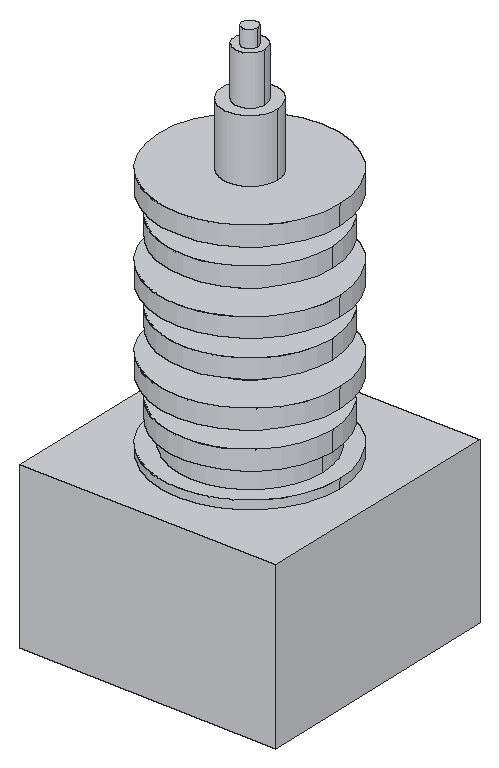
Revit family "GIS_VoltageTransformer", category Equipamento elétrico, Revit 2027
Family settings
  Configuração do painel = Duas colunas, circuitos transversais
  Cota do conector redondo = Utilizar diâmetro
  Tipo de parte = Painel de controle
  Com base no plano de trabalho = Não
  Sempre na vertical = Sim
  Corte com vazios quando carregada = Não
  Manter orientação da anotação = Não
  Compartilhado = Não
  Ponto de cálculo do ambiente = Não
Parameters (values of type "GIS_VT_145KV_STUDY")
  Default Elevation = 0 mm
  built-in parameter 1140142 [instance] = (empty or 0)
  built-in parameter 1140140 [instance] = 1 (stored number, unit not read)
  BIM_TensaoSecundaria_kV = 0
  BIM_TensaoNominal_kV = 138
  BIM_TensaoClasse_kV = 145
  BIM_TensaoClasseSecundaria_kV = 0
  BIM_Sistema_Elemento [instance] = ""
  BIM_ReferenciaCatalogo = "Portfolio estimate; ratio/class pending utility data"
  BIM_Profundidade = 700 mm
  BIM_Potencia_MVA = 0
  BIM_Localizacao [instance] = ""
  BIM_Largura = 700 mm
  BIM_Impedancia_pu = 0
  BIM_FonteGeometria = "Portfolio estimate; ratio/class pending utility data"
  BIM_Fabricante = "NAO SELECIONADO"
  BIM_EstadoGeometria = "ESTIMATED"
  BIM_EstadoEspecificacao = "PREMISSA / NAO SELECIONADO"
  BIM_DescricaoEstudo = "Transformador de potencial GIS; relacao, classe e carga nao selecionadas."
  BIM_CorrenteReferenciaSecundaria_A = 0
  BIM_CorrenteNominal_A = 0
  BIM_Bay [instance] = ""
  BIM_AlturaCorpoPrincipal = 450 mm
  BIM_Altura = 1500 mm
  built-in parameter 1155100 [instance] = (empty or 0)
Reference planes
  plane 1 "Centro (Frente/Trás)": y = 0
  plane 2: z = 0
  plane 3 "Centro (Esquerda/Direita)": x = 0
  plane 4 "BIM Left": x = -350
  plane 5 "BIM Right": x = 350
  plane 6 "BIM Front": y = -350
  plane 7 "BIM Back": y = 350
Forms (mm)
  Extrusion 1, solid
    sketch origin (0, 0, 0) x (1, 0, 0) y (0, 1, 0)
      loop
        line (-350, -350) -> (350, -350) -> (350, 350) -> (-350, 350) -> (-350, -350)
    from 0 to 450 <- "BIM_AlturaCorpoPrincipal"
  Extrusion 2, solid
    sketch origin (0, 0, 150) x (1, 0, 0) y (0, 1, 0)
      loop
        line (-231, -231) -> (231, -231) -> (231, 231) -> (-231, 231) -> (-231, -231)
    from 0 to 180
  Extrusion 3, solid
    sketch origin (0, 0, 285) x (1, 0, 0) y (0, 1, 0)
      loop
        circle (0, 0) r 199.5
    from 0 to 240
  Extrusion 4, solid
    sketch origin (0, 0, 420) x (1, 0, 0) y (0, 1, 0)
      loop
        circle (0, 0) r 247.8
    from 0 to 52.5
  Extrusion 5, solid
    sketch origin (0, 0, 532.5) x (1, 0, 0) y (0, 1, 0)
      loop
        circle (0, 0) r 226.8
    from 0 to 52.5
  Extrusion 6, solid
    sketch origin (0, 0, 645) x (1, 0, 0) y (0, 1, 0)
      loop
        circle (0, 0) r 247.8
    from 0 to 52.5
  Extrusion 7, solid
    sketch origin (0, 0, 757.5) x (1, 0, 0) y (0, 1, 0)
      loop
        circle (0, 0) r 226.8
    from 0 to 52.5
  Extrusion 8, solid
    sketch origin (0, 0, 870) x (1, 0, 0) y (0, 1, 0)
      loop
        circle (0, 0) r 247.8
    from 0 to 52.5
  Extrusion 9, solid
    sketch origin (0, 0, 982.5) x (1, 0, 0) y (0, 1, 0)
      loop
        circle (0, 0) r 226.8
    from 0 to 52.5
  Extrusion 10, solid
    sketch origin (0, 0, 1095) x (1, 0, 0) y (0, 1, 0)
      loop
        circle (0, 0) r 247.8
    from 0 to 52.5
  Extrusion 11, solid
    sketch origin (0, 0, 465) x (1, 0, 0) y (0, 1, 0)
      loop
        circle (0, 0) r 121.8
    from 0 to 675
  Extrusion 12, solid
    sketch origin (0, 0, 1140) x (1, 0, 0) y (0, 1, 0)
      loop
        circle (0, 0) r 75.6
    from 0 to 180
  Extrusion 13, solid
    sketch origin (0, 0, 1320) x (1, 0, 0) y (0, 1, 0)
      loop
        circle (0, 0) r 42
    from 0 to 135
  Extrusion 14, solid
    sketch origin (0, 0, 1455) x (1, 0, 0) y (0, 1, 0)
      loop
        circle (0, 0) r 21
    from 0 to 45
Dimensions and locks
  "BIM_Largura": plane 4 "BIM Left" to plane 5 "BIM Right"
  "BIM_Profundidade": plane 6 "BIM Front" to plane 7 "BIM Back"
  aligned and locked: level to plane 2
  aligned and locked: plane 4 "BIM Left" to Extrusion 1
  aligned and locked: Extrusion 1 to plane 5 "BIM Right"
  aligned and locked: Extrusion 1 to plane 6 "BIM Front"
  aligned and locked: plane 7 "BIM Back" to Extrusion 1
Automatic sketch dimensions
  Extrusion 1 sketch curve to plane 4 "BIM Left" = 0 mm
  Extrusion 1 sketch curve to plane 5 "BIM Right" = 0 mm
  Extrusion 1 sketch curve to plane 6 "BIM Front" = 0 mm
  Extrusion 1 sketch curve to plane 7 "BIM Back" = 0 mm
  Extrusion 2 sketch curve to plane 4 "BIM Left" = 119 mm
  plane 5 "BIM Right" to Extrusion 2 sketch curve = 119 mm
  plane 6 "BIM Front" to Extrusion 2 sketch curve = 119 mm
  Extrusion 2 sketch curve to plane 7 "BIM Back" = 119 mm
  Extrusion 3 sketch curve to Extrusion 3 sketch curve = 0 mm  (x2)
  plane 1 "Centro (Frente/Trás)" to Extrusion 3 sketch curve = 0 mm
  Extrusion 3 sketch curve to plane 3 "Centro (Esquerda/Direita)" = 0 mm
  Extrusion 3 sketch curve to plane 4 "BIM Left" = 150.5 mm
  Extrusion 4 sketch curve to Extrusion 4 sketch curve = 0 mm  (x2)
  plane 1 "Centro (Frente/Trás)" to Extrusion 4 sketch curve = 0 mm
  Extrusion 4 sketch curve to plane 3 "Centro (Esquerda/Direita)" = 0 mm
  Extrusion 4 sketch curve to plane 4 "BIM Left" = 102.2 mm
  Extrusion 5 sketch curve to Extrusion 5 sketch curve = 0 mm  (x2)
  plane 1 "Centro (Frente/Trás)" to Extrusion 5 sketch curve = 0 mm
  Extrusion 5 sketch curve to plane 3 "Centro (Esquerda/Direita)" = 0 mm
  Extrusion 5 sketch curve to plane 4 "BIM Left" = 123.2 mm
  Extrusion 6 sketch curve to Extrusion 6 sketch curve = 0 mm  (x2)
  plane 1 "Centro (Frente/Trás)" to Extrusion 6 sketch curve = 0 mm
  Extrusion 6 sketch curve to plane 3 "Centro (Esquerda/Direita)" = 0 mm
  Extrusion 6 sketch curve to plane 4 "BIM Left" = 102.2 mm
  Extrusion 7 sketch curve to Extrusion 7 sketch curve = 0 mm  (x2)
  plane 1 "Centro (Frente/Trás)" to Extrusion 7 sketch curve = 0 mm
  Extrusion 7 sketch curve to plane 3 "Centro (Esquerda/Direita)" = 0 mm
  Extrusion 7 sketch curve to plane 4 "BIM Left" = 123.2 mm
  Extrusion 8 sketch curve to Extrusion 8 sketch curve = 0 mm  (x2)
  plane 1 "Centro (Frente/Trás)" to Extrusion 8 sketch curve = 0 mm
  Extrusion 8 sketch curve to plane 3 "Centro (Esquerda/Direita)" = 0 mm
  Extrusion 8 sketch curve to plane 4 "BIM Left" = 102.2 mm
  Extrusion 9 sketch curve to Extrusion 9 sketch curve = 0 mm  (x2)
  plane 1 "Centro (Frente/Trás)" to Extrusion 9 sketch curve = 0 mm
  Extrusion 9 sketch curve to plane 3 "Centro (Esquerda/Direita)" = 0 mm
  Extrusion 9 sketch curve to plane 4 "BIM Left" = 123.2 mm
  Extrusion 10 sketch curve to Extrusion 10 sketch curve = 0 mm  (x2)
  plane 1 "Centro (Frente/Trás)" to Extrusion 10 sketch curve = 0 mm
  Extrusion 10 sketch curve to plane 3 "Centro (Esquerda/Direita)" = 0 mm
  Extrusion 10 sketch curve to plane 4 "BIM Left" = 102.2 mm
  Extrusion 11 sketch curve to Extrusion 11 sketch curve = 0 mm  (x2)
  plane 1 "Centro (Frente/Trás)" to Extrusion 11 sketch curve = 0 mm
  Extrusion 11 sketch curve to plane 3 "Centro (Esquerda/Direita)" = 0 mm
  Extrusion 11 sketch curve to plane 3 "Centro (Esquerda/Direita)" = 121.8 mm
  Extrusion 12 sketch curve to Extrusion 12 sketch curve = 0 mm  (x2)
  plane 1 "Centro (Frente/Trás)" to Extrusion 12 sketch curve = 0 mm
  Extrusion 12 sketch curve to plane 3 "Centro (Esquerda/Direita)" = 0 mm
  Extrusion 12 sketch curve to plane 3 "Centro (Esquerda/Direita)" = 75.6 mm
  Extrusion 13 sketch curve to Extrusion 13 sketch curve = 0 mm  (x2)
  plane 1 "Centro (Frente/Trás)" to Extrusion 13 sketch curve = 0 mm
  Extrusion 13 sketch curve to plane 3 "Centro (Esquerda/Direita)" = 0 mm
  Extrusion 13 sketch curve to plane 3 "Centro (Esquerda/Direita)" = 42 mm
  Extrusion 14 sketch curve to Extrusion 14 sketch curve = 0 mm  (x2)
  plane 1 "Centro (Frente/Trás)" to Extrusion 14 sketch curve = 0 mm
  Extrusion 14 sketch curve to plane 3 "Centro (Esquerda/Direita)" = 0 mm
  Extrusion 14 sketch curve to plane 3 "Centro (Esquerda/Direita)" = 21 mm
Connectors
  electrical at (-350, 0, 225)
    settings: on Extrusion 1, index 1, voltage 138000 V, apparent load 0 VA, apparent load phase1 0 VA, apparent load phase2 0 VA, apparent load phase3 0 VA, power factor 1, load classification "Outro", number of poles 3, system type 6, power factor state 1, is connector primary yes, connector utility no, sub classification motor no, connector description "Interface A; study port; circuit assignment is project-specific."
  electrical at (350, 0, 225)
    settings: on Extrusion 1, index 2, voltage 138000 V, apparent load 0 VA, apparent load phase1 0 VA, apparent load phase2 0 VA, apparent load phase3 0 VA, power factor 1, load classification "Outro", number of poles 3, system type 6, power factor state 1, is connector primary no, connector utility no, sub classification motor no, connector description "Interface B; study port; circuit assignment is project-specific."
